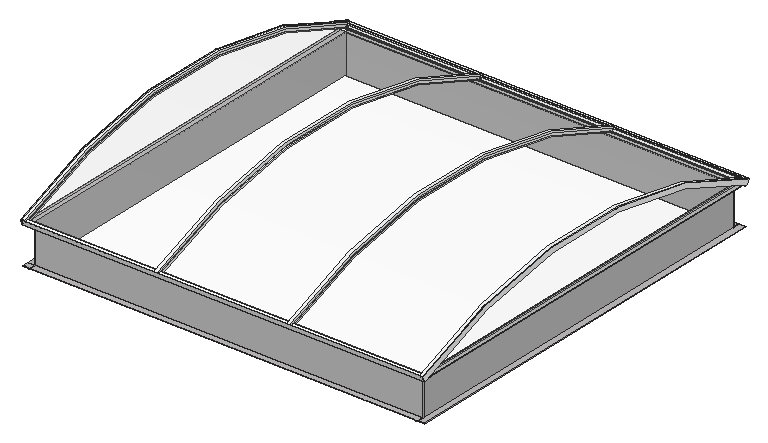
Revit family "Aluco Skylight SL (en)", category Generic Models, Revit 2020
Family settings
  Can host rebar = No
  Round Connector Dimension = Use Diameter
  Part Type = Normal
  OmniClass Number = 23.30.30.00
  OmniClass Title = Skylights
  Work Plane-Based = Yes
  Always vertical = No
  Cut with Voids When Loaded = No
  Shared = No
  Room Calculation Point = No
Parameters
  ►Visibility of the right end [instance] = if(Longitudinal roof slope > 0.00°, 1 > 2, 1 < 2)  # yes
  ►Auxiliary height - thickness [instance] = if([Filling thickness (variant)] < 3, 24.2 mm, if([Filling thickness (variant)] < 5, 29 mm, if([Filling thickness (variant)] < 7, 33 mm, if([Filling thickness (variant)] < 9, 38 mm, if([Filling thickness (variant)] < 11, 33 mm, if([Filling thickness (variant)] < 13, 39 mm, 45 mm))))))  # 33 mm
  ►Auxiliary height [instance] = Bending radius - 0.5 * sqrt((4 * ((Bending radius) ^ 2)) - ((Skylight span) ^ 2))  # 361.927 mm
  ►Auxiliary dimension [instance] = if(Longitudinal roof slope > 0.00°, 400 mm, if(Transversal roof slope > 0.00°, 0 mm, 180 mm))  # 180 mm
  ►Auxiliary Offset 3 [instance] = if(Longitudinal roof slope > 0.00°, Opening length, Opening length + 1000 mm)  # 4000 mm
  ►Auxiliary Offset 2 [instance] = ►Auxiliary Offset 1 + [Opening narrowing (Length)]  # 3000 mm
  ►Auxiliary Offset 1 [instance] = if(Longitudinal roof slope > 0.00°, 6000 mm, Opening length)  # 3000 mm
  ► Roof slope - calculations [instance] = if(Longitudinal roof slope = 0.00°, 0.00°, if(Longitudinal roof slope - Opposite roof slope < 0.00°, Longitudinal roof slope + (((Longitudinal roof slope - Opposite roof slope) * (-1)) / 2), if(Longitudinal roof slope - Opposite roof slope = 0.00°, Longitudinal roof slope, Longitudinal roof slope - ((Longitudinal roof slope - Opposite roof slope) / 2))))  # 0.00°
  ► Right end - visibility [instance] = if(and(Longitudinal roof slope = 0.00°, Right ending), 1 < 2, 1 > 2)  # yes
  Transversal roof slope [instance] = 0.00°
  Right opening narrowing (length) [instance] = if(Longitudinal roof slope > 0.00°, 100 mm, [Opening narrowing (Length)])  # 0 mm
  Skylight span [instance] = if(Opening span - 2 * [Opening narrowing (span)] + 2 * Space for thermal insulation < 1500 mm, 1500 mm, if(Opening span - 2 * [Opening narrowing (span)] + 2 * Space for thermal insulation > 6200 mm, 6200 mm, Opening span - 2 * [Opening narrowing (span)] + 2 * Space for thermal insulation))  # 3100 mm
  Profile material = Aluco - aluminum
  Product URL = "https://aluco.com.pl/oferta/swietliki-dachowe/swietliki-lukowe-aluco-skylight-sl/"
  Panel thickness [instance] = if([Filling thickness (variant)] < 3, 10 mm, if([Filling thickness (variant)] < 5, 16 mm, if([Filling thickness (variant)] < 7, 20 mm, if([Filling thickness (variant)] < 9, 25 mm, if([Filling thickness (variant)] < 11, 20 mm, if([Filling thickness (variant)] < 13, 26 mm, 32 mm))))))  # 20 mm
  Panel material = Aluco - polycarbonate
  Opening length [instance] = 3000 mm
  Opening narrowing (span) [instance] = 0 mm
  Opening narrowing (Length) [instance] = 0 mm
  Right ending [instance] = yes
  Left ending [instance] = yes
  URL = "https://aluco.com.pl/"
  Space for thermal insulation [instance] = if([Space for thermal insulation (variant)] < 2, 50 mm, if([Space for thermal insulation (variant)] < 3, 80 mm, if([Space for thermal insulation (variant)] < 4, 100 mm, if([Space for thermal insulation (variant)] < 5, 150 mm, 200 mm))))  # 50 mm
  Skylight length [instance] = Opening length - 2 * [Opening narrowing (Length)] + 2 * Space for thermal insulation  # 3100 mm
  Split spacing [instance] = (Skylight length - 28 mm) / (Number of skylight divisions + 1)  # 1024 mm
  Span [instance] = "from 1500 mm to 6200 mm"  # constant formula
  Space for thermal insulation (variant) [instance] = 0
  Heat transfer coefficient [instance] = "For verification after contact with the Manufacturer"  # constant formula
  Bending radius' [instance] = Bending radius - 5 mm  # 3495 mm
  Bending radius" [instance] = Bending radius + Panel thickness + 15 mm  # 3535 mm
  Opening span [instance] = 3000 mm
  Fall protection safety grids [instance] = yes
  Bending radius [instance] = 175 * Panel thickness  # 3500 mm
  Manufacturer = "ALUCO SYSTEM SP. Z O.O"  # constant formula
  Description = "Continuous skylights made in accordance with the requirements of PN-EN14963: 2006, with CE marking"  # constant formula
  Breaking load resistance = "UL 1500"  # constant formula
  Compressive load resistance = "DL 2500"  # constant formula
  Type Image = ALUCO SKYLIGHT SL.png
  Opposite roof slope [instance] = 0.00°
  Longitudinal roof slope [instance] = 0.00°
  Model = "Skylight SL"  # constant formula
  Type Comments = "Barrel vault continuous skylights"
  Safety classification against drop from height = "SB 1200"  # constant formula
  Fire protection class = "BRoof (t1)"  # constant formula
  Catalog card [instance] = "https://aluco.com.pl/download/AlucoSkylight.pdf"
  Number of arch profiles [instance] = if(0 = 0, Number of skylight divisions + 2, Number of skylight divisions + 2)  # 4
  Number of skylight divisions [instance] = roundup((Skylight length - 28 mm) / 1050 mm) - 1  # 2
  IfcExportAs = "\"IfcWindowType\""
  Filling thickness (variant) [instance] = 6
  Base panel thickness (variant) [instance] = 1
  Default Elevation = 0 mm  # constant formula
  Base panel thickness [instance] = if([Base panel thickness (variant)] < 2, 1.5 mm, 2 mm)  # 1.5 mm
  Base material = Aluco - galvanized steel
  Base height [instance] = 300 mm
Reference planes
  plane 1 "Środek (Przód/Tył)": y = 0
  plane 2: z = 0
  plane 3 "Środek (Lewa/Prawa)": x = 0
  plane 4: x = 3000
  plane 5: y = -1500
  plane 6: y = 1500
  plane 7: x = -50
  plane 8: y = -1550
  plane 9: y = 1550
  plane 10: x = 3050
  plane 11: x = 1500
  plane 12: z = 300
  plane 13: z = -800.014
  plane 14: y = -1500
  plane 15: y = 1500
  plane 16: x = 3000
  plane 17: z = 0
  plane 18: z = 298.5
  plane 19: z = 1.5
  plane 20: x = 0
  plane 21: z = 661.927
  plane 22: z = 300
  plane 23: z = 694.927
  plane 24 "Odsunięcie 2": x = 3000
  plane 25 "Odsunięcie 1": x = 3000
  plane 26: x = 3660
  plane 27: x = 4000
  plane 28 "Odsunięcie 4": x = 3000
  plane 29 "Odsunięcie 5": x = 3050
Forms (mm)
  Extrusion 1, solid, material "Aluco - polycarbonate" <- "Panel material", visible <- "Left ending", detail levels medium+fine
    sketch origin (-50, 2000, 1200) x (0, 1, 0) y (0, 0, 1)
      loop
        line (-3550, -900) -> (-450, -900)
        arc (-450, -900) -> (-2000, -538.073) -> (-3550, -900) r 3500
    from 0 to 20
  Sweep 2, solid, material "Aluco - aluminum" <- "Profile material", detail levels fine
    path in 3D
      loop
        line (-50, 1558.857, 317.932) -> (3050, 1558.857, 317.932)
    profile "Straight profile : Straight profile" origin (1500, 1558.857, 317.932) x (0, -0.442857, -0.896592) y (0, 0.896592, -0.442857)
      loop
        line (26.358, 0) -> (33.614, 0) -> (33.614, 4.683) -> (-16.625, 4.683) -> (-16.625, 3.483) -> (-6, 3.483) -> (-6, -20) -> (0, -20) -> (0, 0) -> (20, 0) -> (20, -31.791) -> (26.358, -31.791) -> (26.358, 0)
  Sweep 3, solid, material "Aluco - polycarbonate" <- "Panel material", detail levels medium+fine
    path in 3D
      loop
        arc (3050, -1550, 300) -> (3050, 0, 661.927) -> (3050, 1550, 300) r 3500
    profile origin (3050, 0, 661.927) x (0, 0, 1) y (1, 0, 0)
      loop
        line (0, 0) -> (0, -3100) -> (20, -3100) -> (20, 0) -> (0, 0)
  Sweep 4, solid, material "Aluco - aluminum" <- "Profile material", detail levels fine
    path in 3D
      loop
        line (3050, -1558.857, 317.932) -> (-50, -1558.857, 317.932)
    profile "Straight profile : Straight profile" origin (1500, -1558.857, 317.932) x (0, 0.442857, -0.896592) y (0, -0.896592, -0.442857)
      loop
        line (26.358, 0) -> (33.614, 0) -> (33.614, 4.683) -> (-16.625, 4.683) -> (-16.625, 3.483) -> (-6, 3.483) -> (-6, -20) -> (0, -20) -> (0, 0) -> (20, 0) -> (20, -31.791) -> (26.358, -31.791) -> (26.358, 0)
  Sweep 5, solid, material "Aluco - galvanized steel" <- "Base material", detail levels medium+fine
    path in 3D
      loop
        line (3000, 1550, 0) -> (-50, 1550, 0)
    profile "Base : Front/Back" origin (1475, 1550, 0) x (0, -1, 0) y (0, 0, 1)
      loop
        line (51.5, 0) -> (51.5, 300) -> (0, 300) -> (0, 298.5) -> (50, 298.5) -> (50, 1.5) -> (0, 1.5) -> (0, 0) -> (12, 0) -> (51.5, 0)
  Sweep 6, solid, material "Aluco - galvanized steel" <- "Base material", detail levels medium+fine
    path in 3D
      loop
        line (-50, -1550, 0) -> (3000, -1550, 0)
    profile "Base : Front/Back" origin (1475, -1550, 0) x (0, 1, 0) y (0, 0, 1)
      loop
        line (51.5, 0) -> (51.5, 300) -> (0, 300) -> (0, 298.5) -> (50, 298.5) -> (50, 1.5) -> (0, 1.5) -> (0, 0) -> (12, 0) -> (51.5, 0)
  Sweep 7, solid, material "Aluco - galvanized steel" <- "Base material", detail levels medium+fine
    path in 3D
      loop
        line (-50, 1550, 0) -> (-50, 1500, 0) -> (-50, 0, 0) -> (-50, -1500, 0) -> (-50, -1550, 0)
    profile "Base : Right/Left" origin (-50, 1525, 0) x (1, 0, 0) y (0, 0, 1)
      loop
        line (51.5, 0) -> (51.5, 300) -> (0, 300) -> (0, 298.5) -> (50, 298.5) -> (50, 1.5) -> (0, 1.5) -> (0, 0) -> (12, 0) -> (51.5, 0)
  Sweep 8, solid, material "Aluco - galvanized steel" <- "Base material", visible <- "►Visibility of the right end", detail levels medium+fine
    path in 3D
      loop
        line (3050, 1550, 0) -> (3050, 1500, 0) -> (3050, 0, 0) -> (3050, -1500, 0) -> (3050, -1550, 0)
    profile "Base : Right/Left" origin (3050, -1525, 0) x (1, 0, 0) y (0, 0, 1)
      loop
        line (-51.5, 0) -> (-12, 0) -> (0, 0) -> (0, 1.5) -> (-50, 1.5) -> (-50, 298.5) -> (0, 298.5) -> (0, 300) -> (-51.5, 300) -> (-51.5, 0)
  Extrusion 9, solid, material "Aluco - fall protection safety grids", visible <- "Fall protection safety grids", detail levels medium+fine
    sketch origin (7303.2, -1436.636, 300) x (0, -1, 0) y (1, 0, 0)
      loop
        line (-2936.636, -7303.2) -> (63.364, -7303.2) -> (63.364, -4303.2) -> (-2936.636, -4303.2) -> (-2936.636, -7303.2)
    from 0 to -5
  Extrusion 10, void
    sketch origin (0, 0, 0) x (1, 0, 0) y (0, 0, 1)
      loop
        line (3000, 298.5) -> (3000, 1.5) -> (3000, -98.5) -> (3660, -98.5) -> (3660, 300) -> (3000, 300) -> (3000, 298.5)
    from -7763.73 to 8722.83
  Extrusion 11, void
    sketch origin (3000, 0, 0) x (-1, 0, 0) y (0, 0, -1)
      loop
        line (3000, -298.5) -> (3000, -300) -> (3823.374, -300) -> (3823.374, -1.5) -> (3000, -1.5) -> (3000, -298.5)
    from -6758.137 to 7862.369
  Extrusion 12, solid, material "Aluco - polycarbonate" <- "Panel material", visible <- "► Right end - visibility", detail levels medium+fine
    sketch origin (3050, 2000, 1200) x (0, 1, 0) y (0, 0, 1)
      loop
        line (-3550, -900) -> (-450, -900)
        arc (-450, -900) -> (-2000, -538.073) -> (-3550, -900) r 3500
    from -25 to 0
  Extrusion 13, void
    sketch origin (3050, 2000, 1200) x (0, 1, 0) y (0, 0, 1)
      loop
        line (-3500, -901.5) -> (-3500, -900) -> (-7785.043, -900) -> (-7785.043, -1198.5) -> (-3500, -1198.5) -> (-3500, -901.5)
    from -7978.09 to 4431.719
  Extrusion 14, void
    sketch origin (3050, 2000, 1200) x (0, 1, 0) y (0, 0, 1)
      loop
        line (-500, -900) -> (-500, -901.5) -> (-500, -1198.5) -> (2200, -1198.5) -> (2200, -900) -> (-500, -900)
    from -11160.481 to 8052.434
  Sweep 15, void
    path in 3D
      loop
        line (3050, 1550, 0) -> (3050, 1500, 0) -> (3050, 0, 0) -> (3050, -1500, 0) -> (3050, -1550, 0)
    profile origin (3050, -1525, 0) x (1, 0, 0) y (0, 0, 1)
      loop
        line (130, 300) -> (130, 0) -> (2288.5, 0) -> (2288.5, 300) -> (130, 300)
  Sweep 16, void
    path in 3D
      loop
        line (-50, 1550, 0) -> (-50, 1500, 0) -> (-50, 0, 0) -> (-50, -1500, 0) -> (-50, -1550, 0)
    profile origin (-50, 1525, 0) x (1, 0, 0) y (0, 0, 1)
      loop
        line (-1237.782, 300) -> (-1237.782, 0) -> (-130, 0) -> (-130, 300) -> (-1237.782, 300)
  Extrusion 17, solid, material "Aluco - aluminum" <- "Profile material", visible <- "Right ending", detail levels fine
    sketch origin (3050, 0, -2838.073) x (0, 0.896592, 0.442857) y (0, -0.442857, 0.896592)
      loop
        line (-4.683, 3532.997) -> (-4.683, 3494.997)
        arc (-4.683, 3494.997) -> (1547.786, 3133.59) -> (2778.309, 2120.384) r 3495
        line (2778.309, 2120.384) -> (2808.485, 2143.478)
        arc (2808.485, 2143.478) -> (1564.614, 3167.66) -> (-4.683, 3532.997) r 3533
    from 0 to 5
  Extrusion 18, solid, material "Aluco - aluminum" <- "Profile material", detail levels fine
    sketch origin (-50, 0, -2838.073) x (0, -0.442857, 0.896592) y (0, 0.896592, 0.442857)
      loop
        arc (3532.997, -4.683) -> (3167.66, 1564.614) -> (2143.478, 2808.485) r 3533
        line (2143.478, 2808.485) -> (2120.384, 2778.309)
        arc (2120.384, 2778.309) -> (3133.59, 1547.786) -> (3494.997, -4.683) r 3495
        line (3494.997, -4.683) -> (3532.997, -4.683)
    from 0 to 5
  Extrusion 19, void
    sketch origin (0, 0, 0) x (1, 0, 0) y (0, 0, 1)
      loop
        line (3660, 694.927) -> (3660, 0) -> (4000, 0) -> (4000, 694.927) -> (3660, 694.927)
    from -7702.997 to 8662.235
  Extrusion 20, solid, detail levels coarse
    sketch origin (5150, 0, -1762.189) x (0, 0.807925, 0.589286) y (0, -0.589286, 0.807925)
      loop
        line (-15.4, 2609.189) -> (-213.85, 2337.109) -> (2290.716, 510.323) -> (2489.167, 782.403)
        arc (2489.167, 782.403) -> (1447.944, 1985.165) -> (-15.4, 2609.189) r 3533
    from -2100 to -5200
Cuts and joins
  Extrusion 11, Sweep 16, Extrusion 19 cuts Extrusion 1
  Extrusion 11, Extrusion 13, Extrusion 14 cuts Sweep 8
  Extrusion 10, Extrusion 11, Extrusion 19 cuts Sweep 6
  Extrusion 10, Extrusion 11, Extrusion 19 cuts Sweep 5
  Extrusion 19 cuts Sweep 2
  Extrusion 19 cuts Sweep 4
  Extrusion 11, Sweep 15, Extrusion 19 cuts Extrusion 9
  Extrusion 13, Extrusion 14, Extrusion 19 cuts Sweep 7
  Sweep 15 cuts Extrusion 12
  Extrusion 19 cuts Sweep 3
  Extrusion 19 cuts Extrusion 18
Lines and regions (mm)
  reference lines
    curve 1: line (-50, 1550, 0) -> (-50, -1550, 0)
    curve 2: line (-50, -1550, 0) -> (3000, -1550, 0)
    curve 3: line (3050, -1550, 0) -> (3050, 1550, 0)
    curve 4: line (3000, 1550, 0) -> (-50, 1550, 0)
    curve 5: line (0, 1500, 0) -> (3000, 1500, 0)
    curve 6: line (3000, 1500, 0) -> (3000, -1500, 0)
    curve 7: line (3000, -1500, 0) -> (0, -1500, 0)
    curve 8: line (0, -1500, 0) -> (0, 1500, 0)
    curve 9: arc (0, -1550, 300) -> (0, 0, 661.927) -> (0, 1550, 300) r 3500
    curve 10: line (-30, 50, 0) -> (-30, -50, 0)
    curve 11: line (3030, 50, 0) -> (3030, -50, 0)
    curve 12: line (0, 0, 298.5) -> (3000, 0, 298.5)
    curve 13: line (3050, -1500, 0) -> (3050, 0, 0)
    curve 14: line (3050, 1500, 0) -> (3050, 0, 0)
    curve 15: line (3050, 1550, 0) -> (3050, 1500, 0)
    curve 16: line (3050, -1500, 0) -> (3050, -1550, 0)
    curve 19: line (-50, 1550, 0) -> (-50, 1500, 0)
    curve 20: line (-50, -1400, 0) -> (-50, 0, 0)
    curve 21: line (-50, 0, 0) -> (-50, 1500, 0)
    curve 35: line (3050, 1550, 0) -> (3050, 1500, 0)
    curve 36: line (-50, -1500, 0) -> (-50, -1550, 0)
  sketch lines
    curve 17: line (3000, 1550, 0) -> (-50, 1550, 0)
    curve 18: line (-50, -1550, 0) -> (3000, -1550, 0)
    curve 22: line (-50, 1550, 0) -> (-50, 1500, 0)
    curve 23: line (-50, 0, 0) -> (-50, 1500, 0)
    curve 24: line (3050, -1500, 0) -> (3050, -1550, 0)
    curve 25: line (3050, -1500, 0) -> (3050, 0, 0)
    curve 26: line (3050, 1500, 0) -> (3050, 0, 0)
    curve 27: line (3050, 1550, 0) -> (3050, 1500, 0)
    curve 28: arc (3050, -1550, 300) -> (3050, 0, 661.927) -> (3050, 1550, 300) r 3500
    curve 29: line (3050, -1558.857, 317.932) -> (-50, -1558.857, 317.932)
    curve 30: line (-50, 1558.857, 317.932) -> (3050, 1558.857, 317.932)
    curve 31: line (3050, -1500, 0) -> (3050, -1550, 0)
    curve 32: line (3050, -1500, 0) -> (3050, 0, 0)
    curve 33: line (3050, 1500, 0) -> (3050, 0, 0)
    curve 34: line (3050, 1550, 0) -> (3050, 1500, 0)
    curve 37: line (-50, -1500, 0) -> (-50, 0, 0)
    curve 38: line (-50, -1500, 0) -> (-50, -1550, 0)
    curve 39: line (-50, 1550, 0) -> (-50, 1500, 0)
    curve 40: line (-50, 0, 0) -> (-50, 1500, 0)
    curve 41: line (-50, -1500, 0) -> (-50, 0, 0)
    curve 42: line (-50, -1500, 0) -> (-50, -1550, 0)
Dimensions and locks
  "Opening length": plane 3 "Środek (Lewa/Prawa)" to plane 4
  equal spacing: plane 3 "Środek (Lewa/Prawa)", plane 11, plane 4
  equal spacing: plane 7, plane 11, plane 10
  "Skylight length": plane 7 to plane 10
  equal spacing: plane 5, plane 1 "Środek (Przód/Tył)", plane 6
  equal spacing: plane 9, plane 1 "Środek (Przód/Tył)", plane 8
  "Opening span": plane 5 to plane 6
  "Skylight span": plane 9 to plane 8
  "Space for thermal insulation": plane 6 to curve 4
  "Space for thermal insulation": curve 1 to plane 3 "Środek (Lewa/Prawa)"
  "Space for thermal insulation": plane 4 to curve 3
  "Space for thermal insulation": plane 5 to curve 2
  "Space for thermal insulation": plane 7 to curve 8
  "Space for thermal insulation": curve 6 to plane 10
  "Space for thermal insulation": curve 7 to plane 8
  "Space for thermal insulation": curve 5 to plane 9
  "Base height": plane 12 to level
  "Panel thickness": plane 7 to curve 10
  "Panel thickness": curve 11 to plane 10
  "Base panel thickness": plane 12 to curve 12
  "Panel thickness": Sweep 3 sketch curve to Sweep 3 sketch curve
  equal spacing: group 2, group 4, group 3, group 1
  equal spacing: group 1, group 3, group 4, group 2  (x2)
  plane 2 to plane 13 = 800.014 mm
  "Space for thermal insulation": plane 14 to plane 8
  "Space for thermal insulation": plane 9 to plane 15
  "Right opening narrowing (length)": plane 4 to plane 16
  "Base panel thickness": plane 12 to plane 18
  "Base panel thickness": plane 19 to plane 17
  "Opening narrowing (Length)": plane 3 "Środek (Lewa/Prawa)" to plane 20
  Extrusion 13 to plane 19 = 298.5 mm
  "Base height": Sweep 15 sketch curve to plane 17
  locked: Sweep 15 sketch curve to plane 16 at 2338.5
  "►Auxiliary dimension": Sweep 15 sketch curve to plane 16
  locked: Sweep 16 sketch curve to plane 20 at 1287.782
  "►Auxiliary dimension": Sweep 16 sketch curve to plane 20
  locked: plane 22 to plane 18 at 1.5
  "►Auxiliary height": plane 21 to plane 22
  "►Auxiliary height - thickness": plane 23 to plane 21
  "Opening narrowing (Length)": plane 24 "Odsunięcie 2" to plane 25 "Odsunięcie 1"
  locked: plane 26 to plane 24 "Odsunięcie 2" at 660
  "►Auxiliary Offset 1": plane 25 "Odsunięcie 1" to plane 3 "Środek (Lewa/Prawa)"
  "►Auxiliary Offset 2": plane 24 "Odsunięcie 2" to plane 3 "Środek (Lewa/Prawa)"
  "►Auxiliary Offset 3": plane 3 "Środek (Lewa/Prawa)" to plane 27
  "Opening narrowing (Length)": plane 25 "Odsunięcie 1" to plane 28 "Odsunięcie 4"
  locked: plane 29 "Odsunięcie 5" to plane 28 "Odsunięcie 4" at 50
  "Bending radius": radius of curve 9
  "Transversal roof slope": angle curve 8 to curve 13
  "Transversal roof slope": angle curve 14 to curve 8
  "Transversal roof slope": angle level to curve 20
  "Transversal roof slope": angle curve 21 to level
  "► Roof slope - calculations": angle Extrusion 19 sketch curve to plane 27
  aligned and locked: level to plane 2
  aligned and locked: plane 8 to curve 9
  aligned and locked: plane 12 to curve 9
  aligned and locked: plane 9 to curve 9
  aligned and locked: Extrusion 1 sketch curve to curve 9
  aligned and locked: Extrusion 1 sketch curve to plane 12
  aligned and locked: Extrusion 1 to curve 10
  aligned and locked: Sweep 3 sketch curve to cut or joined group of Extrusion 1, Extrusion 11, Sweep 16, Extrusion 19
  aligned and locked: nested 1 to plane 10
  aligned and locked: nested 2 to plane 7
  aligned and locked: nested 1 to plane 12
  aligned and locked: nested 2 to plane 12
  aligned and locked: curve 2 to curve 16
  aligned and locked: plane 14 to curve 16
  aligned and locked: curve 16 to curve 3
  aligned and locked: plane 15 to curve 15
  aligned and locked: curve 15 to curve 3
  aligned and locked: plane 14 to curve 13
  aligned and locked: curve 19 to curve 5
  aligned and locked: plane 15 to curve 21
  aligned and locked: curve 1 to curve 21
  aligned and locked: plane 1 "Środek (Przód/Tył)" to curve 20
  aligned and locked: plane 1 "Środek (Przód/Tył)" to curve 14
  aligned and locked: plane 15 to curve 14
  aligned and locked: level to curve 13
  aligned and locked: plane 14 to Extrusion 9 sketch curve
  aligned and locked: Extrusion 9 sketch curve to plane 15
  aligned and locked: Extrusion 9 sketch curve to curve 6
  aligned and locked: Extrusion 9 sketch curve to curve 8
  aligned and locked: Extrusion 10 sketch curve to plane 12
  aligned and locked: plane 19 to Extrusion 11 sketch curve
  aligned and locked: plane 12 to Extrusion 11 sketch curve
  aligned and locked: plane 20 to Extrusion 11 sketch curve
  aligned and locked: plane 3 "Środek (Lewa/Prawa)" to Extrusion 11 sketch curve
  aligned and locked: Extrusion 12 to plane 12
  aligned and locked: plane 12 to Extrusion 13 sketch curve
  aligned and locked: plane 19 to Extrusion 13 sketch curve
  aligned and locked: plane 5 to Extrusion 13 sketch curve
  aligned and locked: plane 14 to Extrusion 13 sketch curve
  aligned and locked: Extrusion 13 sketch curve to plane 19
  aligned and locked: plane 15 to Extrusion 14 sketch curve
  aligned and locked: Extrusion 14 sketch curve to plane 19
  aligned and locked: plane 6 to Extrusion 14 sketch curve
  aligned and locked: Extrusion 14 sketch curve to plane 15
  aligned and locked: plane 18 to Extrusion 14 sketch curve
  aligned and locked: plane 12 to Extrusion 14 sketch curve
  aligned and locked: Extrusion 12 sketch curve to curve 9
  aligned and locked: Sweep 15 sketch curve to plane 17
  aligned and locked: curve 1 to curve 36
  aligned and locked: plane 3 "Środek (Lewa/Prawa)" to curve 9
  aligned and locked: Sweep 16 sketch curve to plane 12
  aligned and locked: Sweep 16 sketch curve to plane 2
  aligned and locked: plane 26 to Extrusion 10 sketch curve
  aligned and locked: Extrusion 19 sketch curve to plane 26
  aligned and locked: plane 27 to Extrusion 19 sketch curve
  aligned and locked: Extrusion 10 sketch curve to plane 25 "Odsunięcie 1"
  aligned and locked: plane 29 "Odsunięcie 5" to Sweep 3 sketch curve
  aligned and locked: plane 25 "Odsunięcie 1" to curve 2
  aligned and locked: plane 25 "Odsunięcie 1" to curve 4
  aligned and locked: plane 28 "Odsunięcie 4" to Extrusion 10 sketch curve
  aligned and locked: plane 18 to Extrusion 10 sketch curve
  aligned and locked: plane 8 to Extrusion 20 sketch curve
  aligned and locked: plane 9 to Extrusion 20 sketch curve
  aligned and locked: Extrusion 20 sketch curve to Extrusion 17
  aligned and locked: Extrusion 20 to plane 7
  aligned and locked: plane 10 to Extrusion 20
Automatic sketch dimensions
  Extrusion 13 sketch curve to plane 18 = 0 mm
  Extrusion 13 sketch curve to plane 5 = 4285.043 mm
  Extrusion 14 sketch curve to plane 6 = 2700 mm
  Extrusion 11 sketch curve to plane 18 = 0 mm
  plane 3 "Środek (Lewa/Prawa)" to Extrusion 11 sketch curve = 823.374 mm
  Extrusion 12 sketch curve to plane 8 = 0 mm
  Extrusion 17 sketch curve to nested 1 = 4.683 mm  (x3)
  Extrusion 18 sketch curve to nested 2 = 4.683 mm  (x3)
  Extrusion 10 sketch curve to plane 19 = 0 mm
  Extrusion 10 sketch curve to level = 98.5 mm
  level to Extrusion 20 sketch curve = 0 mm
  curve 36 to plane 5 = 0 mm
  plane 6 to curve 35 = 0 mm
  curve 35 to plane 9 = 0 mm
  plane 1 "Środek (Przód/Tył)" to curve 11 = 50 mm
  plane 1 "Środek (Przód/Tył)" to curve 10 = 50 mm
  curve 10 to plane 1 "Środek (Przód/Tył)" = 50 mm
  curve 11 to plane 1 "Środek (Przód/Tył)" = 50 mm
  curve 12 to plane 3 "Środek (Lewa/Prawa)" = 0 mm
  curve 12 to plane 4 = 0 mm
  curve 9 to plane 1 "Środek (Przód/Tył)" = 0 mm
  Sweep 3 sketch curve to profile plane = 0 mm
  Extrusion 19 sketch curve to plane 23 = 0 mm
  Extrusion 19 sketch curve to level = 0 mm
  radius of Extrusion 17 sketch curve to nested 1 = 0 mm
  radius of Extrusion 17 sketch curve to nested 1 = 25 mm
  radius of Extrusion 18 sketch curve to nested 2 = 0 mm
  radius of Extrusion 18 sketch curve to nested 2 = 25 mm
Nested families
  nested 1: "Arch profile" at (3036, 0, 300), Rozpiętość otworu <- "Opening span", Zwężenie otworu (rozpiętość) <- "Opening narrowing (span)", Materiał <- "Profile material", Przestrzeń na izolację termiczną <- "Space for thermal insulation", Grubość wypełnienia (wariant) <- "Filling thickness (variant)", type "Arch profile", detail levels fine
    with Zwężenie otworu (rozpiętość) 0 mm, Rozpiętość świetlika 3100 mm, Rozpiętość otworu 3000 mm, Przestrzeń na izolację termiczną 50 mm, Promień gięcia 3500 mm, Materiał Aluco - aluminum, Grubość wypełnienia (wariant) 6, Grubość płyty 20 mm, Grubość profilu 27 mm
  nested 2: "Arch profile" at (-36, 0, 300), Rozpiętość otworu <- "Opening span", Zwężenie otworu (rozpiętość) <- "Opening narrowing (span)", Materiał <- "Profile material", Przestrzeń na izolację termiczną <- "Space for thermal insulation", Grubość wypełnienia (wariant) <- "Filling thickness (variant)", type "Arch profile", detail levels fine
    with Zwężenie otworu (rozpiętość) 0 mm, Rozpiętość świetlika 3100 mm, Rozpiętość otworu 3000 mm, Przestrzeń na izolację termiczną 50 mm, Promień gięcia 3500 mm, Materiał Aluco - aluminum, Grubość wypełnienia (wariant) 6, Grubość płyty 20 mm, Grubość profilu 27 mm
  nested 3: "Arch profile" at (2012, 0, 300), Rozpiętość otworu <- "Opening span", Zwężenie otworu (rozpiętość) <- "Opening narrowing (span)", Materiał <- "Profile material", Przestrzeń na izolację termiczną <- "Space for thermal insulation", Grubość wypełnienia (wariant) <- "Filling thickness (variant)", type "Arch profile", detail levels fine
    with Zwężenie otworu (rozpiętość) 0 mm, Rozpiętość świetlika 3100 mm, Rozpiętość otworu 3000 mm, Przestrzeń na izolację termiczną 50 mm, Promień gięcia 3500 mm, Materiał Aluco - aluminum, Grubość wypełnienia (wariant) 6, Grubość płyty 20 mm, Grubość profilu 27 mm
  nested 4: "Arch profile" at (988, 0, 300), Rozpiętość otworu <- "Opening span", Zwężenie otworu (rozpiętość) <- "Opening narrowing (span)", Materiał <- "Profile material", Przestrzeń na izolację termiczną <- "Space for thermal insulation", Grubość wypełnienia (wariant) <- "Filling thickness (variant)", type "Arch profile", detail levels fine
    with Zwężenie otworu (rozpiętość) 0 mm, Rozpiętość świetlika 3100 mm, Rozpiętość otworu 3000 mm, Przestrzeń na izolację termiczną 50 mm, Promień gięcia 3500 mm, Materiał Aluco - aluminum, Grubość wypełnienia (wariant) 6, Grubość płyty 20 mm, Grubość profilu 27 mm
Definition of nested family "Arch profile"
  Parameters (values of type "Profil łukowy")
    Zwężenie otworu (rozpiętość) [instance] = 200 mm
    Define Thermal Properties by = 1
    Rozpiętość świetlika [instance] = if(Rozpiętość otworu - 2 * [Zwężenie otworu (rozpiętość)] + 2 * Przestrzeń na izolację termiczną < 1500 mm, 1500 mm, if(Rozpiętość otworu - 2 * [Zwężenie otworu (rozpiętość)] + 2 * Przestrzeń na izolację termiczną > 6200 mm, 6200 mm, Rozpiętość otworu - 2 * [Zwężenie otworu (rozpiętość)] + 2 * Przestrzeń na izolację termiczną))  # 1500 mm
    Rozpiętość otworu [instance] = 1000 mm
    Przestrzeń na izolację termiczną [instance] = 150 mm
    Promień gięcia [instance] = 175 * Grubość płyty  # 1750 mm
    Materiał [instance] = none
    Analytic Construction = "<Brak>"
    Grubość wypełnienia (wariant) [instance] = 1
    Grubość płyty [instance] = if([Grubość wypełnienia (wariant)] < 3, 10 mm, if([Grubość wypełnienia (wariant)] < 5, 16 mm, if([Grubość wypełnienia (wariant)] < 7, 20 mm, if([Grubość wypełnienia (wariant)] < 9, 25 mm, if([Grubość wypełnienia (wariant)] < 11, 20 mm, if([Grubość wypełnienia (wariant)] < 13, 26 mm, 32 mm))))))  # 10 mm
    Grubość profilu [instance] = Grubość płyty + 7 mm  # 17 mm
    Default Elevation = 0 mm
  Reference planes
    plane 1 "Środek (Przód/Tył)": y = 0
    plane 2: z = 0
    plane 3 "Środek (Lewa/Prawa)": x = 0
    plane 4: y = -500
    plane 5: y = 500
    plane 6: y = -750
    plane 7: y = 750
    plane 8: z = 0
  Forms (mm)
    Extrusion 1, solid, not visible
      sketch origin (0, 0, 0) x (0, 1, 0) y (0, 0, 1)
        loop
          line (-750, 0) -> (750, 0)
          arc (750, 0) -> (0, 168.861) -> (-750, 0) r 1750
      from 14 to -14
    Sweep 2, solid, material <- "Materiał"
      path in 3D
        loop
          arc (0, -750, 0) -> (0, 0, 168.861) -> (0, 750, 0) r 1750
      profile origin (0, 0, 168.861) x (0, 0, 1) y (1, 0, 0)
        loop
          line (0, -14) -> (0, -2.5) -> (10, -2.5) -> (10, -14) -> (23, -14) -> (23, 14) -> (10, 14) -> (10, 2.5) -> (0, 2.5) -> (0, 14) -> (-5, 14) -> (-5, -14) -> (0, -14)
  Lines and regions (mm)
    reference lines
      curve 1: line (-150, -650, 0) -> (6150, -650, 0)
      curve 2: line (6150, 650, 0) -> (-150, 650, 0)
      curve 3: line (500, 600, 0) -> (5500, 600, 0)
      curve 4: line (5500, -600, 0) -> (500, -600, 0)
      curve 5: arc (0, -750, 0) -> (0, 0, 168.861) -> (0, 750, 0) r 1750
    sketch lines
      curve 6: arc (0, -750, 0) -> (0, 0, 168.861) -> (0, 750, 0) r 1750
  Dimensions and locks
    equal spacing: plane 4, plane 1 "Środek (Przód/Tył)", plane 5
    equal spacing: plane 7, plane 1 "Środek (Przód/Tył)", plane 6
    "Rozpiętość otworu": plane 4 to plane 5
    "Rozpiętość świetlika": plane 7 to plane 6
    "Przestrzeń na izolację termiczną": plane 5 to curve 2
    "Przestrzeń na izolację termiczną": plane 4 to curve 1
    "Przestrzeń na izolację termiczną": curve 4 to plane 6
    "Przestrzeń na izolację termiczną": curve 3 to plane 7
    "Grubość płyty": Sweep 2 sketch curve to profile plane
    "Promień gięcia": radius of curve 5
    aligned and locked: level to plane 2
    aligned and locked: plane 6 to curve 5
    aligned and locked: plane 8 to curve 5  (x2)
    aligned and locked: plane 7 to curve 5
    aligned and locked: Extrusion 1 sketch curve to curve 5
    aligned and locked: Extrusion 1 sketch curve to plane 8
  Automatic sketch dimensions
    curve 2 to plane 3 "Środek (Lewa/Prawa)" = 150 mm
    curve 1 to plane 3 "Środek (Lewa/Prawa)" = 150 mm
    plane 3 "Środek (Lewa/Prawa)" to curve 3 = 500 mm
    plane 3 "Środek (Lewa/Prawa)" to curve 4 = 500 mm
    curve 3 to curve 3 = 5000 mm
    curve 4 to curve 3 = 0 mm
    curve 3 to curve 2 = 650 mm
    curve 4 to curve 1 = 650 mm
    Sweep 2 sketch curve to profile plane = 0 mm  (x2)
    profile plane to Sweep 2 sketch curve = 5 mm
    Sweep 2 sketch curve to Sweep 2 sketch curve = 0 mm  (x2)
    Sweep 2 sketch curve to Sweep 2 sketch curve = 13 mm
    Sweep 2 sketch curve to profile plane = 14 mm
    Sweep 2 sketch curve to profile plane = 2.5 mm
    profile plane to Sweep 2 sketch curve = 2.5 mm
    Sweep 2 sketch curve to Sweep 2 sketch curve = 11.5 mm  (x2)
